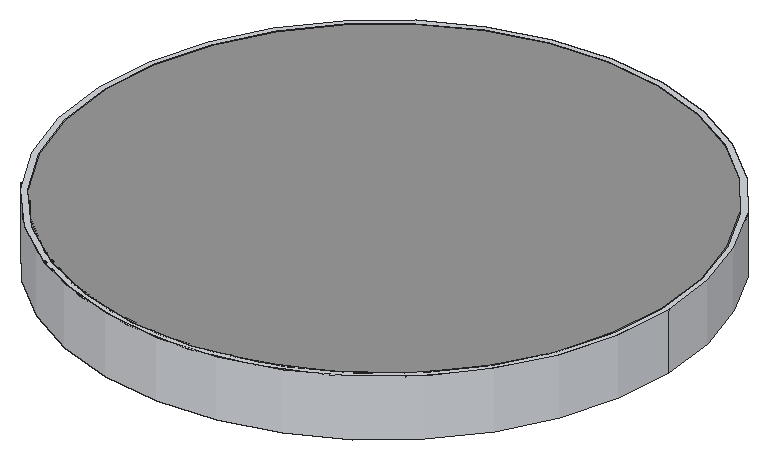
Revit family "2071189", category Lighting Fixtures, host Face, Revit 2018
Family settings
  Host = Face
  Round Connector Dimension = Use Diameter
  Part Type = Normal
  OmniClass Number = 23.80.70.00
  OmniClass Title = Lighting
  Cut with Voids When Loaded = No
  Light Source = Yes
  Shared = No
  Room Calculation Point = No
Parameters (values of type "2071189 COLOSSAL 600 940 OP DIR WHT SSA02")
  iner diameter = 588 mm
  Weight = "n/a"
  Wattage Comments = ""
  Wattage = 30 W
  WarrantyStartDate [instance] = "n/a"
  WarrantyGuarantorParts = "n/a"
  WarrantyDurationUnit = "n/a"
  WarrantyDurationParts = ""
  WarrantyDescription = "http://www.sylvania-lighting.com"
  built-in parameter 1150110 = 1 (stored number, unit not read)
  Voltage = 230 V
  URL = "0.95"
  TypeName = "COLOSSAL 600mm 940 OPAL DIR WHITE SSA02"
  Type Image = <None>
  Type Comments = "n/a"
  built-in parameter 1114217 = 1 (stored number, unit not read)
  Tilt Angle = -90.00°
  built-in parameter 1150109 = 1 (stored number, unit not read)
  built-in parameter 1150134 = (empty or 0)
  built-in parameter 1150113 = 1 (stored number, unit not read)
  SerialNumber [instance] = "n/a"
  Photometric Web File = "2071189.ies"
  Material_3_SYL = LED-Sylvania
  PowerFactor = 0
  PowerConsumption = "Lighting"
  NominalLength = 600 mm
  NominalHeight = 93 mm
  NominalDepth = 600 mm
  Name = "COLOSSAL 600mm 940 OPAL DIR WHITE SSA02"
  ModelReference = Name  # "COLOSSAL 600mm 940 OPAL DIR WHITE SSA02"
  ModelNumber = "2071189"
  Model = Name  # "COLOSSAL 600mm 940 OPAL DIR WHITE SSA02"
  Material = "Feilo Sylvania"
  ManufacturerName = "114 lm/W"
  Manufacturer = ""
  LuminousEfficacy = ""
  built-in parameter 1150105 = 270.44 (stored number, unit not read)
  Lumens = 3398.4 lm
  LuminaireType = "0"
  built-in parameter 1150115 = 1 (stored number, unit not read)
  LightOutputRatio = "LED"
  built-in parameter 1150137 = (empty or 0)
  built-in parameter 1150139 = (empty or 0)
  LampsType = Lamp  # "n/a"
  LampNominalLuminous = "4000 K"
  LampMacAdamStep = "90"
  LampColourTemperature = "LED"
  LampColourRenderingIndex = "16500"
  built-in parameter 1150112 = 1 (stored number, unit not read)
  built-in parameter 1150114 = 1 (stored number, unit not read)
  Lamp = "n/a"
  Keynote = "n/a"
  InstallationDate [instance] = "n/a"
  InputVoltage = "0"
  InputNominalFrequency = "4000"
  built-in parameter 1150132 = (empty or 0)
  built-in parameter 1150102 = (empty or 0)
  built-in parameter 1150107 = 3000 (stored number, unit not read)
  built-in parameter 1150138 = (empty or 0)
  IngressProtection = "IfcLightFixtureType"
  ImpactProtectionIndex = "IfcLightFixtureType"
  built-in parameter 1150106 = 2.7044 (stored number, unit not read)
  IfcExportType = "IfcLightFixtureType"
  IfcExportAs = "Class I"
  Emit from Circle Diameter = 385 mm
  Emit Shape Visible in Rendering = no
  ElectricShockClassification = "114"
  built-in parameter 1150104 = 10.524 (stored number, unit not read)
  DocumentationLiterature = "http://www.sylvania-lighting.com/product/en-int/products/2071189"
  DimmingControlOptions = "n/a"
  Material_2_SYL = Polycarbonate_Sylvania_White
  Dimming Lamp Color Temperature Shift = <None>
  Description = "600mm diameter circular architectural luminaire, can be surface mounted or suspended. Powder coated aluminium housing (RAL9016) with polycarbonate opal diffuser. Direct light distribution, 4535lm luminuous flux, 39.7W system power, 114lm/W luminiaire efficacy. Sylsmart Connected enabled. Colour rendering index Ra >90, 4000K Neutral White LED, chromaticity tolerance of 3-step MacAdam ellipse. IP40, IK03. 450mA drive current. Electrical protection Class1, 220-240V. Reported lifetime 66k hours L90B10."
  Default Elevation = 1219.2 mm
  CreatedOn = "23/03/2022"
  CreatedBy = "@sylvania-lighting.com"
  Cost = 0
  Color Filter = 16777215
  built-in parameter 1114216 [instance] = (empty or 0)
  ClassificationValue = "EF_70_80"
  ClassificationName = "Uniclass2015"
  Material_1_SYL = Polycarbonate_Sylvania_Opal
  BarCode [instance] = "n/a"
  built-in parameter 1114218 = 1 (stored number, unit not read)
  built-in parameter 1150133 = 10 (stored number, unit not read)
  AssetType = "Fixed"
  AssetIdentifier [instance] = "n/a"
  Assembly Code = "D5020200"
  Apparent Load = 39.7 VA
  Material_4_SYL = none
Reference planes
  plane 1 "Center (Front/Back)": y = 0
  plane 2: z = 0
  plane 3 "Center (Left/Right)": x = 0
  plane 4: x = -300
  plane 5: x = 300
  plane 6: y = 300
  plane 7: y = -300
  plane 8: y = 212
  plane 9: y = -212
  plane 10: z = 93
  plane 11: y = 294
  plane 12: y = -294
  plane 13: through (0, 0, 1219.2) normal (0.5, -0.866, 0)
  plane 14: through (-134.29, 20.617, 1219.2) normal (0.5, -0.866, 0)
  plane 15: through (-144.685, -181.683, 1219.2) normal (-0.5, 0.866, 0)
  plane 16: through (0, 0, 1219.2) normal (0.5, 0.866, 0)
  plane 17: through (178.555, -4.939, 1219.2) normal (0.5, 0.866, 0)
  plane 18: through (87.581, -148.715, 1219.2) normal (0.5, 0.866, 0)
  plane 19: y = 272
  plane 20: through (105.168, 227.067, 1219.2) normal (0.866, 0.5, 0)
  plane 21: through (-104.171, 225.672, 1219.2) normal (0.8572, -0.515, 0)
  plane 22: y = -204.612
  plane 23: through (-296.643, -30.2, 1219.2) normal (0.866, 0.5, 0)
  plane 24: through (153.092, -278.837, 1219.2) normal (-0.866, 0.5, 0)
Forms (mm)
  Extrusion 1, solid, detail levels medium+fine
    sketch origin (0, 0, 0) x (1, 0, 0) y (0, 1, 0)
      loop
        circle (0, 0) r 300
    from 33.023 to 93
  Extrusion 2, void
    sketch origin (0, 0, 0) x (1, 0, 0) y (0, 1, 0)
      loop
        circle (0, 0) r 294
    from 93 to 37.292
  Extrusion 3, solid, material "Glass, White, High Luminance", detail levels fine
    sketch origin (0, 0, 0) x (1, 0, 0) y (0, 1, 0)
      loop
        circle (0, 0) r 294
    from 88.026 to 93
  Extrusion 4, solid, detail levels coarse
    sketch origin (0, 0, 0) x (1, 0, 0) y (0, 1, 0)
      loop
        line (-300, 300) -> (-300, -300) -> (300, -300) -> (300, 300) -> (-300, 300)
    from 0 to 93
  Blend 5, solid, detail levels medium+fine
    base sketch origin (0, 0, 0) x (1, 0, 0) y (0, 1, 0)
      loop
        line (-76.334, 272) -> (-277.665, -63.07) -> (-195.946, -204.612) -> (195.946, -204.612) -> (275.172, -67.388) -> (79.226, 272) -> (-76.334, 272)
    top sketch origin (0, 0, 0) x (1, 0, 0) y (0, 1, 0)
      loop
        line (-226.097, -32.388) -> (-141.097, -179.612) -> (141.097, -179.612) -> (226.097, -32.388) -> (85, 212) -> (-85, 212) -> (-226.097, -32.388)
    from 33.023 to 0
Cuts and joins
  Extrusion 2 cuts Extrusion 1
Lines and regions (mm)
  model lines
    curve 1: line (-85, 212, 0) -> (0, 212, 0)
    curve 2: line (0, 212, 0) -> (85, 212, 0)
Dimensions and locks
  "NominalDepth": plane 6 to plane 7
  "NominalLength": plane 4 to plane 5
  equal spacing: plane 4, plane 3 "Center (Left/Right)", plane 5
  "iner diameter": plane 11 to plane 12
  equal spacing: plane 11, plane 1 "Center (Front/Back)", plane 12
  equal spacing: plane 6, plane 1 "Center (Front/Back)", plane 7
  "NominalHeight": plane 10 to level
  radius of Extrusion 2 sketch curve = 294 mm
  aligned and locked: plane 2 to host face
  aligned and locked: level to host face
Automatic sketch dimensions
  host sketch curve to host sketch curve = 2438.4 mm  (x2)
  plane 1 "Center (Front/Back)" to Extrusion 1 sketch curve = 0 mm
  Extrusion 1 sketch curve to plane 3 "Center (Left/Right)" = 0 mm
  plane 1 "Center (Front/Back)" to Extrusion 2 sketch curve = 0 mm
  Extrusion 2 sketch curve to plane 3 "Center (Left/Right)" = 0 mm
  plane 1 "Center (Front/Back)" to Extrusion 3 sketch curve = 0 mm
  Extrusion 3 sketch curve to plane 3 "Center (Left/Right)" = 0 mm
  Extrusion 4 sketch curve to plane 4 = 0 mm
  Extrusion 4 sketch curve to plane 5 = 0 mm
  Extrusion 4 sketch curve to plane 7 = 0 mm
  Extrusion 4 sketch curve to plane 6 = 0 mm
  Blend 5 sketch curve to plane 8 = 0 mm
  Blend 5 sketch curve to plane 3 "Center (Left/Right)" = 85 mm
  plane 3 "Center (Left/Right)" to Blend 5 sketch curve = 85 mm
  plane 9 to Blend 5 sketch curve = 32.388 mm
  plane 3 "Center (Left/Right)" to Blend 5 sketch curve = 141.097 mm
  plane 1 "Center (Front/Back)" to Blend 5 sketch curve = 32.388 mm  (x2)
  Blend 5 sketch curve to plane 5 = 73.903 mm
  Blend 5 sketch curve to plane 3 "Center (Left/Right)" = 141.097 mm
  plane 4 to Blend 5 sketch curve = 73.903 mm
  curve 1 to plane 8 = 0 mm
  curve 2 to plane 3 "Center (Left/Right)" = 0 mm
  curve 1 to plane 3 "Center (Left/Right)" = 85 mm
  curve 1 to curve 2 = 85 mm
  Blend 5 sketch curve to plane 21 = 0 mm
  Blend 5 sketch curve to plane 23 = 0 mm  (x2)
  Blend 5 sketch curve to plane 22 = 0 mm
  Blend 5 sketch curve to plane 19 = 0 mm
  plane 21 to Blend 5 sketch curve = 0 mm
  Blend 5 sketch curve to plane 20 = 0 mm  (x2)
  Blend 5 sketch curve to plane 24 = 0 mm  (x2)
  radius of Extrusion 1 sketch curve = 300 mm
  radius of Extrusion 3 sketch curve = 294 mm
Connectors
  electrical at (0, 0, 0), driven by "Apparent Load", driven by "PowerFactor", driven by "Voltage"
    settings: index 1, voltage 230 V, apparent load 39.7 VA, apparent load phase1 0 VA, apparent load phase2 0 VA, apparent load phase3 0 VA, power factor 0, load classification "Lighting", number of poles 1, system type 30, power factor state 1, is connector primary yes, connector utility no, sub classification motor no, connector description ""
